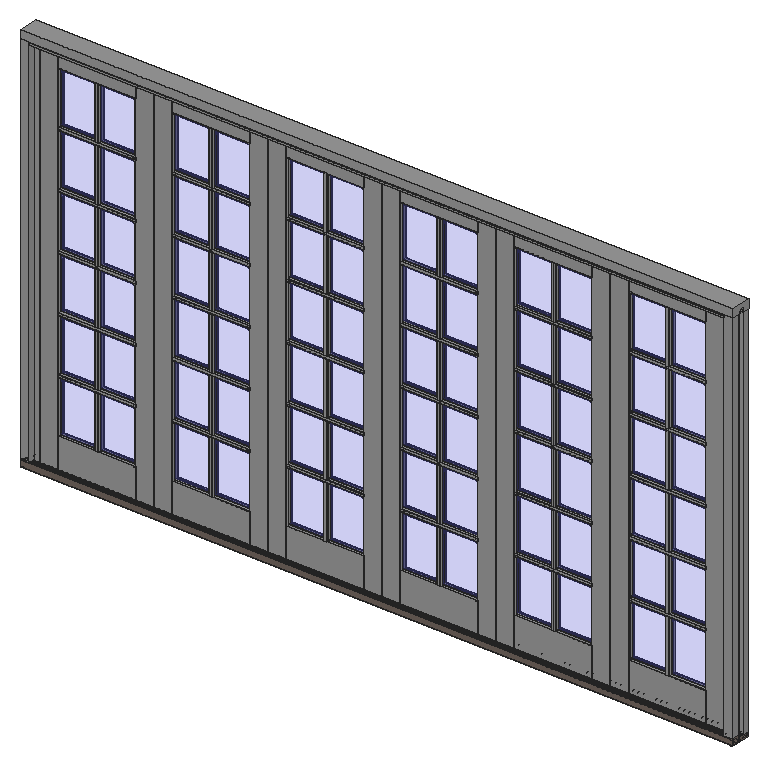
Revit family "VSFA 3820 SP", category Doors, host Wall, Revit 2015 (continued)
Automatic sketch dimensions
  Extrusion 6 sketch curve to plane 3 "Left" = 0 mm
  Extrusion 6 sketch curve to plane 13 = 0 mm
  Extrusion 6 sketch curve to plane 8 = 0 mm
  Extrusion 6 sketch curve to plane 4 "Right" = 0 mm
  Extrusion 6 sketch curve to host wall = 14.5 mm  (x2)
  Extrusion 6 sketch curve to plane 3 "Left" = 30 mm
  Extrusion 6 sketch curve to Extrusion 6 sketch curve = 0 mm  (x2)
  Extrusion 6 sketch curve to plane 13 = 30 mm
  host wall to Extrusion 6 sketch curve = 5.5 mm  (x2)
  Extrusion 6 sketch curve to plane 13 = 20 mm
  Extrusion 6 sketch curve to plane 8 = 20 mm
  Extrusion 6 sketch curve to Extrusion 6 sketch curve = 10 mm  (x5)
  Extrusion 6 sketch curve to Extrusion 6 sketch curve = 15 mm
  Extrusion 6 sketch curve to host wall = 25.5 mm
  Extrusion 6 sketch curve to Extrusion 6 sketch curve = 11 mm
  Extrusion 6 sketch curve to host wall = 22.5 mm  (x2)
  Extrusion 7 sketch curve to plane 9 = 0 mm
  Extrusion 7 sketch curve to plane 8 = 0 mm
  host wall to Extrusion 7 sketch curve = 13.5 mm
  Extrusion 7 sketch curve to plane 9 = 96 mm
  Extrusion 7 sketch curve to Extrusion 7 sketch curve = 0 mm
  Extrusion 7 sketch curve to Extrusion 7 sketch curve = 0.473 mm  (x3)
  Extrusion 7 sketch curve to Extrusion 7 sketch curve = 6.527 mm  (x2)
  Extrusion 7 sketch curve to Extrusion 7 sketch curve = 2 mm  (x4)
  host wall to Extrusion 7 sketch curve = 5.5 mm
  plane 8 to Extrusion 7 sketch curve = 105 mm
  host wall to Extrusion 7 sketch curve = 15.5 mm  (x2)
  host wall to Extrusion 7 sketch curve = 7.5 mm
  Extrusion 7 sketch curve to Extrusion 7 sketch curve = 1.468 mm
  Extrusion 7 sketch curve to host wall = 24.5 mm  (x2)
  Extrusion 8 sketch curve to plane 11 = 0 mm
  Extrusion 8 sketch curve to plane 10 = 0 mm
  host wall to Extrusion 8 sketch curve = 13.5 mm
  Extrusion 8 sketch curve to plane 11 = 96 mm
  Extrusion 8 sketch curve to Extrusion 8 sketch curve = 0 mm
  Extrusion 8 sketch curve to Extrusion 8 sketch curve = 0.473 mm  (x3)
  Extrusion 8 sketch curve to Extrusion 8 sketch curve = 6.527 mm  (x2)
  Extrusion 8 sketch curve to Extrusion 8 sketch curve = 2 mm  (x4)
  host wall to Extrusion 8 sketch curve = 5.5 mm
  plane 10 to Extrusion 8 sketch curve = 105 mm
  host wall to Extrusion 8 sketch curve = 15.5 mm  (x2)
  host wall to Extrusion 8 sketch curve = 7.5 mm
  Extrusion 8 sketch curve to Extrusion 8 sketch curve = 1.468 mm
  Extrusion 8 sketch curve to host wall = 24.5 mm  (x2)
  Extrusion 9 sketch curve to plane 2 "Center (Left/Right)" = 0 mm
  Extrusion 9 sketch curve to plane 12 = 0 mm
  host wall to Extrusion 9 sketch curve = 13.5 mm
  plane 2 "Center (Left/Right)" to Extrusion 9 sketch curve = 96 mm
  Extrusion 9 sketch curve to Extrusion 9 sketch curve = 0 mm
  Extrusion 9 sketch curve to Extrusion 9 sketch curve = 0.473 mm  (x3)
  Extrusion 9 sketch curve to Extrusion 9 sketch curve = 6.527 mm  (x2)
  Extrusion 9 sketch curve to Extrusion 9 sketch curve = 2 mm  (x4)
  host wall to Extrusion 9 sketch curve = 5.5 mm
  plane 12 to Extrusion 9 sketch curve = 105 mm
  host wall to Extrusion 9 sketch curve = 15.5 mm  (x2)
  host wall to Extrusion 9 sketch curve = 7.5 mm
  Extrusion 9 sketch curve to Extrusion 9 sketch curve = 1.468 mm
  Extrusion 9 sketch curve to host wall = 24.5 mm  (x2)
  Extrusion 10 sketch curve to plane 17 = 0 mm
  Extrusion 10 sketch curve to plane 2 "Center (Left/Right)" = 0 mm
  host wall to Extrusion 10 sketch curve = 13.5 mm
  plane 17 to Extrusion 10 sketch curve = 96 mm
  Extrusion 10 sketch curve to Extrusion 10 sketch curve = 0 mm
  Extrusion 10 sketch curve to Extrusion 10 sketch curve = 0.473 mm  (x3)
  Extrusion 10 sketch curve to Extrusion 10 sketch curve = 6.527 mm  (x2)
  Extrusion 10 sketch curve to Extrusion 10 sketch curve = 2 mm  (x4)
  host wall to Extrusion 10 sketch curve = 5.5 mm
  Extrusion 10 sketch curve to plane 2 "Center (Left/Right)" = 105 mm
  host wall to Extrusion 10 sketch curve = 15.5 mm  (x2)
  host wall to Extrusion 10 sketch curve = 7.5 mm
  Extrusion 10 sketch curve to Extrusion 10 sketch curve = 1.468 mm
  Extrusion 10 sketch curve to host wall = 24.5 mm  (x2)
  Extrusion 11 sketch curve to plane 15 = 0 mm
  Extrusion 11 sketch curve to plane 16 = 0 mm
  host wall to Extrusion 11 sketch curve = 13.5 mm
  plane 15 to Extrusion 11 sketch curve = 96 mm
  Extrusion 11 sketch curve to Extrusion 11 sketch curve = 0 mm
  Extrusion 11 sketch curve to Extrusion 11 sketch curve = 0.473 mm  (x3)
  Extrusion 11 sketch curve to Extrusion 11 sketch curve = 6.527 mm  (x2)
  Extrusion 11 sketch curve to Extrusion 11 sketch curve = 2 mm  (x4)
  host wall to Extrusion 11 sketch curve = 5.5 mm
  Extrusion 11 sketch curve to plane 16 = 105 mm
  host wall to Extrusion 11 sketch curve = 15.5 mm  (x2)
  host wall to Extrusion 11 sketch curve = 7.5 mm
  Extrusion 11 sketch curve to Extrusion 11 sketch curve = 1.468 mm
  Extrusion 11 sketch curve to host wall = 24.5 mm  (x2)
  Extrusion 12 sketch curve to plane 13 = 0 mm
  Extrusion 12 sketch curve to plane 14 = 0 mm
  host wall to Extrusion 12 sketch curve = 13.5 mm
  plane 13 to Extrusion 12 sketch curve = 96 mm
  Extrusion 12 sketch curve to Extrusion 12 sketch curve = 0 mm
  Extrusion 12 sketch curve to Extrusion 12 sketch curve = 0.473 mm  (x3)
  Extrusion 12 sketch curve to Extrusion 12 sketch curve = 6.527 mm  (x2)
  Extrusion 12 sketch curve to Extrusion 12 sketch curve = 2 mm  (x4)
  host wall to Extrusion 12 sketch curve = 5.5 mm
  Extrusion 12 sketch curve to plane 14 = 105 mm
  host wall to Extrusion 12 sketch curve = 15.5 mm  (x2)
  host wall to Extrusion 12 sketch curve = 7.5 mm
  Extrusion 12 sketch curve to Extrusion 12 sketch curve = 1.468 mm
  Extrusion 12 sketch curve to host wall = 24.5 mm  (x2)
  Extrusion 13 sketch curve to plane 2 "Center (Left/Right)" = 20 mm
  Extrusion 13 sketch curve to Extrusion 13 sketch curve = 8 mm  (x2)
  plane 2 "Center (Left/Right)" to Extrusion 13 sketch curve = 12 mm
  Extrusion 13 sketch curve to host wall = 24.5 mm
  Extrusion 13 sketch curve to Extrusion 13 sketch curve = 2 mm
  host wall to Extrusion 14 sketch curve = 15.5 mm  (x7)
  Extrusion 14 sketch curve to Extrusion 14 sketch curve = 2 mm  (x28)
  host wall to Extrusion 14 sketch curve = 7.5 mm  (x12)
  host wall to Extrusion 14 sketch curve = 6.697 mm  (x12)
  Extrusion 14 sketch curve to Extrusion 14 sketch curve = 1.197 mm  (x8)
  Extrusion 14 sketch curve to host wall = 24.5 mm  (x7)
  plane 5 to Extrusion 14 sketch curve = 45 mm
  Extrusion 14 sketch curve to Extrusion 14 sketch curve = 96 mm
  Extrusion 14 sketch curve to Extrusion 14 sketch curve = 0 mm  (x6)
  Extrusion 14 sketch curve to Extrusion 14 sketch curve = 0.241 mm  (x12)
  Extrusion 14 sketch curve to Extrusion 14 sketch curve = 266 mm  (x5)
  Extrusion 14 sketch curve to Extrusion 14 sketch curve = 6.759 mm  (x6)
  Extrusion 14 sketch curve to Extrusion 14 sketch curve = 13 mm  (x5)
  level to Extrusion 14 sketch curve = 199 mm
  level to Extrusion 14 sketch curve = 19 mm
  Sweep 15 sketch curve to plane 9 = 298.5 mm
  Sweep 15 sketch curve to plane 9 = 96 mm
  Sweep 15 sketch curve to Sweep 15 sketch curve = 284 mm
  Sweep 15 sketch curve to profile plane = 0 mm
  Sweep 15 sketch curve to profile plane = 0.241 mm
  Sweep 15 sketch curve to Sweep 15 sketch curve = 6.759 mm
  Sweep 15 sketch curve to Sweep 15 sketch curve = 2 mm  (x2)
  Sweep 15 sketch curve to profile plane = 86 mm
  Sweep 15 sketch curve to Sweep 15 sketch curve = 6 mm
  plane 8 to Extrusion 16 sketch curve = 96 mm  (x5)
  Extrusion 16 sketch curve to Extrusion 16 sketch curve = 0 mm  (x8)
  Extrusion 16 sketch curve to Extrusion 16 sketch curve = 202.5 mm  (x4)
  Extrusion 16 sketch curve to Extrusion 16 sketch curve = 13 mm  (x11)
  Extrusion 16 sketch curve to plane 9 = 96.012 mm  (x3)
  plane 5 to Extrusion 16 sketch curve = 141 mm  (x2)
  Extrusion 16 sketch curve to Extrusion 16 sketch curve = 283.99 mm  (x5)
  Extrusion 16 sketch curve to Extrusion 16 sketch curve = 0.01 mm  (x5)
  Extrusion 16 sketch curve to Extrusion 16 sketch curve = 13.01 mm  (x3)
  level to Extrusion 16 sketch curve = 190.01 mm
  level to Extrusion 16 sketch curve = 190 mm
  Extrusion 17 sketch curve to host wall = 5.5 mm  (x2)
  Extrusion 17 sketch curve to plane 8 = 289.5 mm
  Extrusion 17 sketch curve to Extrusion 17 sketch curve = 2 mm  (x5)
  Extrusion 17 sketch curve to Extrusion 17 sketch curve = 6.759 mm  (x2)
  Extrusion 17 sketch curve to Extrusion 17 sketch curve = 0.241 mm  (x3)
  Extrusion 17 sketch curve to Extrusion 17 sketch curve = 13 mm  (x2)
  Extrusion 17 sketch curve to Extrusion 17 sketch curve = 1.197 mm  (x2)
  host wall to Extrusion 17 sketch curve = 24.5 mm
  plane 8 to Sweep 18 sketch curve = 96.012 mm
  Sweep 18 sketch curve to Sweep 18 sketch curve = 202.5 mm
  level to Sweep 18 sketch curve = 474 mm
  level to Sweep 18 sketch curve = 190 mm
  Sweep 18 sketch curve to profile plane = 0 mm
  Sweep 18 sketch curve to profile plane = 0.241 mm
  Sweep 18 sketch curve to Sweep 18 sketch curve = 6.759 mm
  Sweep 18 sketch curve to Sweep 18 sketch curve = 2 mm  (x2)
  Sweep 18 sketch curve to profile plane = 86 mm
  Sweep 18 sketch curve to Sweep 18 sketch curve = 6 mm
  Sweep 19 sketch curve to plane 9 = 298.5 mm
  Sweep 19 sketch curve to plane 9 = 96 mm
  level to Sweep 19 sketch curve = 770.988 mm
  Sweep 19 sketch curve to Sweep 19 sketch curve = 284 mm
  Sweep 19 sketch curve to profile plane = 0 mm
  Sweep 19 sketch curve to profile plane = 0.241 mm
  Sweep 19 sketch curve to Sweep 19 sketch curve = 6.759 mm
  Sweep 19 sketch curve to Sweep 19 sketch curve = 2 mm  (x2)
  Sweep 19 sketch curve to profile plane = 86 mm
  Sweep 19 sketch curve to Sweep 19 sketch curve = 6 mm
  host wall to Extrusion 20 sketch curve = 5.5 mm  (x2)
  plane 8 to Extrusion 20 sketch curve = 289.5 mm
  Extrusion 20 sketch curve to Extrusion 20 sketch curve = 2 mm  (x5)
  Extrusion 20 sketch curve to Extrusion 20 sketch curve = 6.759 mm  (x2)
  Extrusion 20 sketch curve to Extrusion 20 sketch curve = 0.241 mm  (x3)
  Extrusion 20 sketch curve to Extrusion 20 sketch curve = 13 mm  (x2)
  Extrusion 20 sketch curve to host wall = 24.5 mm
  Extrusion 20 sketch curve to Extrusion 20 sketch curve = 1.197 mm  (x2)
  plane 8 to Sweep 21 sketch curve = 96.012 mm
  Sweep 21 sketch curve to Sweep 21 sketch curve = 202.5 mm
  level to Sweep 21 sketch curve = 770.988 mm
  Sweep 21 sketch curve to Sweep 21 sketch curve = 284 mm
  Sweep 21 sketch curve to profile plane = 0 mm
  Sweep 21 sketch curve to profile plane = 0.241 mm
  Sweep 21 sketch curve to Sweep 21 sketch curve = 6.759 mm
  Sweep 21 sketch curve to Sweep 21 sketch curve = 2 mm  (x2)
  Sweep 21 sketch curve to profile plane = 86 mm
  Sweep 21 sketch curve to Sweep 21 sketch curve = 6 mm
  Sweep 22 sketch curve to plane 9 = 298.5 mm
  Sweep 22 sketch curve to plane 9 = 96 mm
  plane 5 to Sweep 22 sketch curve = 1032.012 mm
  Sweep 22 sketch curve to Sweep 22 sketch curve = 284 mm
  Sweep 22 sketch curve to profile plane = 0 mm
  Sweep 22 sketch curve to profile plane = 0.241 mm
  Sweep 22 sketch curve to Sweep 22 sketch curve = 6.759 mm
  Sweep 22 sketch curve to Sweep 22 sketch curve = 2 mm  (x2)
  Sweep 22 sketch curve to profile plane = 86 mm
  Sweep 22 sketch curve to Sweep 22 sketch curve = 6 mm
  host wall to Extrusion 23 sketch curve = 5.5 mm  (x2)
  plane 8 to Extrusion 23 sketch curve = 289.5 mm
  Extrusion 23 sketch curve to Extrusion 23 sketch curve = 2 mm  (x5)
  Extrusion 23 sketch curve to Extrusion 23 sketch curve = 6.759 mm  (x2)
  Extrusion 23 sketch curve to Extrusion 23 sketch curve = 0.241 mm  (x3)
  Extrusion 23 sketch curve to Extrusion 23 sketch curve = 13 mm  (x2)
  Extrusion 23 sketch curve to host wall = 24.5 mm
  Extrusion 23 sketch curve to Extrusion 23 sketch curve = 1.197 mm  (x2)
  plane 8 to Sweep 24 sketch curve = 96.012 mm
  Sweep 24 sketch curve to Sweep 24 sketch curve = 202.5 mm
  plane 5 to Sweep 24 sketch curve = 1032.012 mm
  Sweep 24 sketch curve to Sweep 24 sketch curve = 284 mm
  Sweep 24 sketch curve to profile plane = 0 mm
  Sweep 24 sketch curve to profile plane = 0.241 mm
  Sweep 24 sketch curve to Sweep 24 sketch curve = 6.759 mm
  Sweep 24 sketch curve to Sweep 24 sketch curve = 2 mm  (x2)
  Sweep 24 sketch curve to profile plane = 86 mm
  Sweep 24 sketch curve to Sweep 24 sketch curve = 6 mm
  Sweep 25 sketch curve to plane 9 = 298.5 mm
  Sweep 25 sketch curve to plane 9 = 96 mm
  plane 5 to Sweep 25 sketch curve = 735.012 mm
  Sweep 25 sketch curve to Sweep 25 sketch curve = 284 mm
  Sweep 25 sketch curve to profile plane = 0 mm
  Sweep 25 sketch curve to profile plane = 0.241 mm
  Sweep 25 sketch curve to Sweep 25 sketch curve = 6.759 mm
  Sweep 25 sketch curve to Sweep 25 sketch curve = 2 mm  (x2)
  Sweep 25 sketch curve to profile plane = 86 mm
  Sweep 25 sketch curve to Sweep 25 sketch curve = 6 mm
  host wall to Extrusion 26 sketch curve = 5.5 mm  (x2)
  plane 8 to Extrusion 26 sketch curve = 289.5 mm
  Extrusion 26 sketch curve to Extrusion 26 sketch curve = 2 mm  (x5)
  Extrusion 26 sketch curve to Extrusion 26 sketch curve = 6.759 mm  (x2)
  Extrusion 26 sketch curve to Extrusion 26 sketch curve = 0.241 mm  (x3)
  Extrusion 26 sketch curve to Extrusion 26 sketch curve = 13 mm  (x2)
  Extrusion 26 sketch curve to host wall = 24.5 mm
  Extrusion 26 sketch curve to Extrusion 26 sketch curve = 1.197 mm  (x2)
  plane 8 to Sweep 27 sketch curve = 96.012 mm
  Sweep 27 sketch curve to Sweep 27 sketch curve = 202.5 mm
  plane 5 to Sweep 27 sketch curve = 735.012 mm
  Sweep 27 sketch curve to Sweep 27 sketch curve = 284 mm
  Sweep 27 sketch curve to profile plane = 0 mm
  Sweep 27 sketch curve to profile plane = 0.241 mm
  Sweep 27 sketch curve to Sweep 27 sketch curve = 6.759 mm
  Sweep 27 sketch curve to Sweep 27 sketch curve = 2 mm  (x2)
  Sweep 27 sketch curve to profile plane = 86 mm
  Sweep 27 sketch curve to Sweep 27 sketch curve = 6 mm
  Sweep 28 sketch curve to plane 9 = 298.5 mm
  Sweep 28 sketch curve to plane 9 = 96 mm
  plane 5 to Sweep 28 sketch curve = 438.012 mm
  Sweep 28 sketch curve to Sweep 28 sketch curve = 284 mm
  Sweep 28 sketch curve to profile plane = 0 mm
  Sweep 28 sketch curve to profile plane = 0.241 mm
  Sweep 28 sketch curve to Sweep 28 sketch curve = 6.759 mm
  Sweep 28 sketch curve to Sweep 28 sketch curve = 2 mm  (x2)
  Sweep 28 sketch curve to profile plane = 86 mm
  Sweep 28 sketch curve to Sweep 28 sketch curve = 6 mm
  host wall to Extrusion 29 sketch curve = 5.5 mm  (x2)
  plane 8 to Extrusion 29 sketch curve = 289.5 mm
  Extrusion 29 sketch curve to Extrusion 29 sketch curve = 2 mm  (x5)
  Extrusion 29 sketch curve to Extrusion 29 sketch curve = 6.759 mm  (x2)
  Extrusion 29 sketch curve to Extrusion 29 sketch curve = 0.241 mm  (x3)
  Extrusion 29 sketch curve to Extrusion 29 sketch curve = 13 mm  (x2)
  Extrusion 29 sketch curve to host wall = 24.5 mm
  Extrusion 29 sketch curve to Extrusion 29 sketch curve = 1.197 mm  (x2)
  plane 8 to Sweep 30 sketch curve = 96.012 mm
  Sweep 30 sketch curve to Sweep 30 sketch curve = 202.5 mm
  plane 5 to Sweep 30 sketch curve = 438.012 mm
  Sweep 30 sketch curve to Sweep 30 sketch curve = 284 mm
  Sweep 30 sketch curve to profile plane = 0 mm
  Sweep 30 sketch curve to profile plane = 0.241 mm
  Sweep 30 sketch curve to Sweep 30 sketch curve = 6.759 mm
  Sweep 30 sketch curve to Sweep 30 sketch curve = 2 mm  (x2)
  Sweep 30 sketch curve to profile plane = 86 mm
  Sweep 30 sketch curve to Sweep 30 sketch curve = 6 mm
  Sweep 31 sketch curve to plane 9 = 298.5 mm
  Sweep 31 sketch curve to plane 9 = 96 mm
  plane 5 to Sweep 31 sketch curve = 141.012 mm
  Sweep 31 sketch curve to Sweep 31 sketch curve = 284 mm
  Sweep 31 sketch curve to profile plane = 0 mm
  Sweep 31 sketch curve to profile plane = 0.241 mm
  Sweep 31 sketch curve to Sweep 31 sketch curve = 6.759 mm
  Sweep 31 sketch curve to Sweep 31 sketch curve = 2 mm  (x2)
  Sweep 31 sketch curve to profile plane = 86 mm
  Sweep 31 sketch curve to Sweep 31 sketch curve = 6 mm
  host wall to Extrusion 32 sketch curve = 5.5 mm  (x2)
  plane 8 to Extrusion 32 sketch curve = 289.5 mm
  Extrusion 32 sketch curve to Extrusion 32 sketch curve = 2 mm  (x5)
  Extrusion 32 sketch curve to Extrusion 32 sketch curve = 6.759 mm  (x2)
  Extrusion 32 sketch curve to Extrusion 32 sketch curve = 0.241 mm  (x3)
  Extrusion 32 sketch curve to Extrusion 32 sketch curve = 13 mm  (x2)
  Extrusion 32 sketch curve to host wall = 24.5 mm
  Extrusion 32 sketch curve to Extrusion 32 sketch curve = 1.197 mm  (x2)
  plane 8 to Sweep 33 sketch curve = 96.012 mm
  Sweep 33 sketch curve to Sweep 33 sketch curve = 202.5 mm
  plane 5 to Sweep 33 sketch curve = 141.012 mm
  Sweep 33 sketch curve to Sweep 33 sketch curve = 284 mm
  Sweep 33 sketch curve to profile plane = 0 mm
  Sweep 33 sketch curve to profile plane = 0.241 mm
  Sweep 33 sketch curve to Sweep 33 sketch curve = 6.759 mm
  Sweep 33 sketch curve to Sweep 33 sketch curve = 2 mm  (x2)
  Sweep 33 sketch curve to profile plane = 86 mm
  Sweep 33 sketch curve to Sweep 33 sketch curve = 6 mm
  host wall to Extrusion 34 sketch curve = 15.5 mm  (x7)
  Extrusion 34 sketch curve to Extrusion 34 sketch curve = 2 mm  (x28)
  host wall to Extrusion 34 sketch curve = 7.5 mm  (x12)
  host wall to Extrusion 34 sketch curve = 6.697 mm  (x12)
  Extrusion 34 sketch curve to Extrusion 34 sketch curve = 1.197 mm  (x8)
  Extrusion 34 sketch curve to host wall = 24.5 mm  (x7)
  plane 5 to Extrusion 34 sketch curve = 45 mm
  Extrusion 34 sketch curve to Extrusion 34 sketch curve = 96 mm
  Extrusion 34 sketch curve to Extrusion 34 sketch curve = 0 mm  (x6)
  Extrusion 34 sketch curve to Extrusion 34 sketch curve = 0.241 mm  (x12)
  Extrusion 34 sketch curve to Extrusion 34 sketch curve = 266 mm  (x5)
  Extrusion 34 sketch curve to Extrusion 34 sketch curve = 6.759 mm  (x6)
  Extrusion 34 sketch curve to Extrusion 34 sketch curve = 13 mm  (x5)
  level to Extrusion 34 sketch curve = 199 mm
  level to Extrusion 34 sketch curve = 19 mm
  Sweep 35 sketch curve to plane 11 = 298.5 mm
  Sweep 35 sketch curve to plane 11 = 96 mm
  Sweep 35 sketch curve to Sweep 35 sketch curve = 284 mm
  Sweep 35 sketch curve to profile plane = 0 mm
  Sweep 35 sketch curve to profile plane = 0.241 mm
  Sweep 35 sketch curve to Sweep 35 sketch curve = 6.759 mm
  Sweep 35 sketch curve to Sweep 35 sketch curve = 2 mm  (x2)
  Sweep 35 sketch curve to profile plane = 86 mm
  Sweep 35 sketch curve to Sweep 35 sketch curve = 6 mm
  plane 10 to Extrusion 36 sketch curve = 96 mm  (x5)
  Extrusion 36 sketch curve to Extrusion 36 sketch curve = 0 mm  (x8)
  Extrusion 36 sketch curve to Extrusion 36 sketch curve = 202.5 mm  (x4)
  Extrusion 36 sketch curve to Extrusion 36 sketch curve = 13 mm  (x11)
  Extrusion 36 sketch curve to plane 11 = 96.012 mm  (x3)
  plane 5 to Extrusion 36 sketch curve = 141 mm  (x2)
  Extrusion 36 sketch curve to Extrusion 36 sketch curve = 283.99 mm  (x5)
  Extrusion 36 sketch curve to Extrusion 36 sketch curve = 0.01 mm  (x5)
  Extrusion 36 sketch curve to Extrusion 36 sketch curve = 13.01 mm  (x3)
  level to Extrusion 36 sketch curve = 190.01 mm
  level to Extrusion 36 sketch curve = 190 mm
  Extrusion 37 sketch curve to host wall = 5.5 mm  (x2)
  Extrusion 37 sketch curve to plane 10 = 289.5 mm
  Extrusion 37 sketch curve to Extrusion 37 sketch curve = 2 mm  (x5)
  Extrusion 37 sketch curve to Extrusion 37 sketch curve = 6.759 mm  (x2)
  Extrusion 37 sketch curve to Extrusion 37 sketch curve = 0.241 mm  (x3)
  Extrusion 37 sketch curve to Extrusion 37 sketch curve = 13 mm  (x2)
  Extrusion 37 sketch curve to Extrusion 37 sketch curve = 1.197 mm  (x2)
  host wall to Extrusion 37 sketch curve = 24.5 mm
  plane 10 to Sweep 38 sketch curve = 96.012 mm
  Sweep 38 sketch curve to Sweep 38 sketch curve = 202.5 mm
  level to Sweep 38 sketch curve = 474 mm
  level to Sweep 38 sketch curve = 190 mm
  Sweep 38 sketch curve to profile plane = 0 mm
  Sweep 38 sketch curve to profile plane = 0.241 mm
  Sweep 38 sketch curve to Sweep 38 sketch curve = 6.759 mm
  Sweep 38 sketch curve to Sweep 38 sketch curve = 2 mm  (x2)
  Sweep 38 sketch curve to profile plane = 86 mm
  Sweep 38 sketch curve to Sweep 38 sketch curve = 6 mm
  Sweep 39 sketch curve to plane 11 = 298.5 mm
  Sweep 39 sketch curve to plane 11 = 96 mm
  level to Sweep 39 sketch curve = 770.988 mm
  Sweep 39 sketch curve to Sweep 39 sketch curve = 284 mm
  Sweep 39 sketch curve to profile plane = 0 mm
  Sweep 39 sketch curve to profile plane = 0.241 mm
  Sweep 39 sketch curve to Sweep 39 sketch curve = 6.759 mm
  Sweep 39 sketch curve to Sweep 39 sketch curve = 2 mm  (x2)
  Sweep 39 sketch curve to profile plane = 86 mm
  Sweep 39 sketch curve to Sweep 39 sketch curve = 6 mm
  host wall to Extrusion 40 sketch curve = 5.5 mm  (x2)
  plane 10 to Extrusion 40 sketch curve = 289.5 mm
  Extrusion 40 sketch curve to Extrusion 40 sketch curve = 2 mm  (x5)
  Extrusion 40 sketch curve to Extrusion 40 sketch curve = 6.759 mm  (x2)
  Extrusion 40 sketch curve to Extrusion 40 sketch curve = 0.241 mm  (x3)
  Extrusion 40 sketch curve to Extrusion 40 sketch curve = 13 mm  (x2)
  Extrusion 40 sketch curve to host wall = 24.5 mm
  Extrusion 40 sketch curve to Extrusion 40 sketch curve = 1.197 mm  (x2)
  plane 10 to Sweep 41 sketch curve = 96.012 mm
  Sweep 41 sketch curve to Sweep 41 sketch curve = 202.5 mm
  level to Sweep 41 sketch curve = 770.988 mm
  Sweep 41 sketch curve to Sweep 41 sketch curve = 284 mm
  Sweep 41 sketch curve to profile plane = 0 mm
  Sweep 41 sketch curve to profile plane = 0.241 mm
  Sweep 41 sketch curve to Sweep 41 sketch curve = 6.759 mm
  Sweep 41 sketch curve to Sweep 41 sketch curve = 2 mm  (x2)
  Sweep 41 sketch curve to profile plane = 86 mm
  Sweep 41 sketch curve to Sweep 41 sketch curve = 6 mm
  Sweep 42 sketch curve to plane 11 = 298.5 mm
  Sweep 42 sketch curve to plane 11 = 96 mm
  plane 5 to Sweep 42 sketch curve = 1032.012 mm
  Sweep 42 sketch curve to Sweep 42 sketch curve = 284 mm
  Sweep 42 sketch curve to profile plane = 0 mm
  Sweep 42 sketch curve to profile plane = 0.241 mm
  Sweep 42 sketch curve to Sweep 42 sketch curve = 6.759 mm
  Sweep 42 sketch curve to Sweep 42 sketch curve = 2 mm  (x2)
  Sweep 42 sketch curve to profile plane = 86 mm
  Sweep 42 sketch curve to Sweep 42 sketch curve = 6 mm
  host wall to Extrusion 43 sketch curve = 5.5 mm  (x2)
  plane 10 to Extrusion 43 sketch curve = 289.5 mm
  Extrusion 43 sketch curve to Extrusion 43 sketch curve = 2 mm  (x5)
  Extrusion 43 sketch curve to Extrusion 43 sketch curve = 6.759 mm  (x2)
  Extrusion 43 sketch curve to Extrusion 43 sketch curve = 0.241 mm  (x3)
  Extrusion 43 sketch curve to Extrusion 43 sketch curve = 13 mm  (x2)
  Extrusion 43 sketch curve to host wall = 24.5 mm
  Extrusion 43 sketch curve to Extrusion 43 sketch curve = 1.197 mm  (x2)
  plane 10 to Sweep 44 sketch curve = 96.012 mm
  Sweep 44 sketch curve to Sweep 44 sketch curve = 202.5 mm
  plane 5 to Sweep 44 sketch curve = 1032.012 mm
  Sweep 44 sketch curve to Sweep 44 sketch curve = 284 mm
  Sweep 44 sketch curve to profile plane = 0 mm
  Sweep 44 sketch curve to profile plane = 0.241 mm
  Sweep 44 sketch curve to Sweep 44 sketch curve = 6.759 mm
  Sweep 44 sketch curve to Sweep 44 sketch curve = 2 mm  (x2)
  Sweep 44 sketch curve to profile plane = 86 mm
  Sweep 44 sketch curve to Sweep 44 sketch curve = 6 mm
  Sweep 45 sketch curve to plane 11 = 298.5 mm
  Sweep 45 sketch curve to plane 11 = 96 mm
  plane 5 to Sweep 45 sketch curve = 735.012 mm
  Sweep 45 sketch curve to Sweep 45 sketch curve = 284 mm
  Sweep 45 sketch curve to profile plane = 0 mm
  Sweep 45 sketch curve to profile plane = 0.241 mm
  Sweep 45 sketch curve to Sweep 45 sketch curve = 6.759 mm
  Sweep 45 sketch curve to Sweep 45 sketch curve = 2 mm  (x2)
  Sweep 45 sketch curve to profile plane = 86 mm
  Sweep 45 sketch curve to Sweep 45 sketch curve = 6 mm
  host wall to Extrusion 46 sketch curve = 5.5 mm  (x2)
  plane 10 to Extrusion 46 sketch curve = 289.5 mm
  Extrusion 46 sketch curve to Extrusion 46 sketch curve = 2 mm  (x5)
  Extrusion 46 sketch curve to Extrusion 46 sketch curve = 6.759 mm  (x2)
  Extrusion 46 sketch curve to Extrusion 46 sketch curve = 0.241 mm  (x3)
  Extrusion 46 sketch curve to Extrusion 46 sketch curve = 13 mm  (x2)
  Extrusion 46 sketch curve to host wall = 24.5 mm
  Extrusion 46 sketch curve to Extrusion 46 sketch curve = 1.197 mm  (x2)
  plane 10 to Sweep 47 sketch curve = 96.012 mm
  Sweep 47 sketch curve to Sweep 47 sketch curve = 202.5 mm
  plane 5 to Sweep 47 sketch curve = 735.012 mm
  Sweep 47 sketch curve to Sweep 47 sketch curve = 284 mm
  Sweep 47 sketch curve to profile plane = 0 mm
  Sweep 47 sketch curve to profile plane = 0.241 mm
  Sweep 47 sketch curve to Sweep 47 sketch curve = 6.759 mm
  Sweep 47 sketch curve to Sweep 47 sketch curve = 2 mm  (x2)
  Sweep 47 sketch curve to profile plane = 86 mm
  Sweep 47 sketch curve to Sweep 47 sketch curve = 6 mm
  Sweep 48 sketch curve to plane 11 = 298.5 mm
  Sweep 48 sketch curve to plane 11 = 96 mm
  plane 5 to Sweep 48 sketch curve = 438.012 mm
  Sweep 48 sketch curve to Sweep 48 sketch curve = 284 mm
  Sweep 48 sketch curve to profile plane = 0 mm
  Sweep 48 sketch curve to profile plane = 0.241 mm
  Sweep 48 sketch curve to Sweep 48 sketch curve = 6.759 mm
  Sweep 48 sketch curve to Sweep 48 sketch curve = 2 mm  (x2)
  Sweep 48 sketch curve to profile plane = 86 mm
  Sweep 48 sketch curve to Sweep 48 sketch curve = 6 mm
  host wall to Extrusion 49 sketch curve = 5.5 mm  (x2)
  plane 10 to Extrusion 49 sketch curve = 289.5 mm
  Extrusion 49 sketch curve to Extrusion 49 sketch curve = 2 mm  (x5)
  Extrusion 49 sketch curve to Extrusion 49 sketch curve = 6.759 mm  (x2)
  Extrusion 49 sketch curve to Extrusion 49 sketch curve = 0.241 mm  (x3)
  Extrusion 49 sketch curve to Extrusion 49 sketch curve = 13 mm  (x2)
  Extrusion 49 sketch curve to host wall = 24.5 mm
  Extrusion 49 sketch curve to Extrusion 49 sketch curve = 1.197 mm  (x2)
  plane 10 to Sweep 50 sketch curve = 96.012 mm
  Sweep 50 sketch curve to Sweep 50 sketch curve = 202.5 mm
  plane 5 to Sweep 50 sketch curve = 438.012 mm
  Sweep 50 sketch curve to Sweep 50 sketch curve = 284 mm
  Sweep 50 sketch curve to profile plane = 0 mm
  Sweep 50 sketch curve to profile plane = 0.241 mm
  Sweep 50 sketch curve to Sweep 50 sketch curve = 6.759 mm
  Sweep 50 sketch curve to Sweep 50 sketch curve = 2 mm  (x2)
  Sweep 50 sketch curve to profile plane = 86 mm
  Sweep 50 sketch curve to Sweep 50 sketch curve = 6 mm
  Sweep 51 sketch curve to plane 11 = 298.5 mm
  Sweep 51 sketch curve to plane 11 = 96 mm
  plane 5 to Sweep 51 sketch curve = 141.012 mm
  Sweep 51 sketch curve to Sweep 51 sketch curve = 284 mm
  Sweep 51 sketch curve to profile plane = 0 mm
  Sweep 51 sketch curve to profile plane = 0.241 mm
  Sweep 51 sketch curve to Sweep 51 sketch curve = 6.759 mm
  Sweep 51 sketch curve to Sweep 51 sketch curve = 2 mm  (x2)
  Sweep 51 sketch curve to profile plane = 86 mm
  Sweep 51 sketch curve to Sweep 51 sketch curve = 6 mm
  host wall to Extrusion 52 sketch curve = 5.5 mm  (x2)
  plane 10 to Extrusion 52 sketch curve = 289.5 mm
  Extrusion 52 sketch curve to Extrusion 52 sketch curve = 2 mm  (x5)
  Extrusion 52 sketch curve to Extrusion 52 sketch curve = 6.759 mm  (x2)
  Extrusion 52 sketch curve to Extrusion 52 sketch curve = 0.241 mm  (x3)
  Extrusion 52 sketch curve to Extrusion 52 sketch curve = 13 mm  (x2)
  Extrusion 52 sketch curve to host wall = 24.5 mm
  Extrusion 52 sketch curve to Extrusion 52 sketch curve = 1.197 mm  (x2)
  plane 10 to Sweep 53 sketch curve = 96.012 mm
  Sweep 53 sketch curve to Sweep 53 sketch curve = 202.5 mm
  plane 5 to Sweep 53 sketch curve = 141.012 mm
  Sweep 53 sketch curve to Sweep 53 sketch curve = 284 mm
  Sweep 53 sketch curve to profile plane = 0 mm
  Sweep 53 sketch curve to profile plane = 0.241 mm
  Sweep 53 sketch curve to Sweep 53 sketch curve = 6.759 mm
  Sweep 53 sketch curve to Sweep 53 sketch curve = 2 mm  (x2)
  Sweep 53 sketch curve to profile plane = 86 mm
  Sweep 53 sketch curve to Sweep 53 sketch curve = 6 mm
  host wall to Extrusion 54 sketch curve = 15.5 mm  (x7)
  Extrusion 54 sketch curve to Extrusion 54 sketch curve = 2 mm  (x28)
  host wall to Extrusion 54 sketch curve = 7.5 mm  (x12)
  host wall to Extrusion 54 sketch curve = 6.697 mm  (x12)
  Extrusion 54 sketch curve to Extrusion 54 sketch curve = 1.197 mm  (x8)
  Extrusion 54 sketch curve to host wall = 24.5 mm  (x7)
  plane 5 to Extrusion 54 sketch curve = 45 mm
  Extrusion 54 sketch curve to Extrusion 54 sketch curve = 96 mm
  Extrusion 54 sketch curve to Extrusion 54 sketch curve = 0 mm  (x6)
  Extrusion 54 sketch curve to Extrusion 54 sketch curve = 0.241 mm  (x12)
  Extrusion 54 sketch curve to Extrusion 54 sketch curve = 266 mm  (x5)
  Extrusion 54 sketch curve to Extrusion 54 sketch curve = 6.759 mm  (x6)
  Extrusion 54 sketch curve to Extrusion 54 sketch curve = 13 mm  (x5)
  level to Extrusion 54 sketch curve = 199 mm
  level to Extrusion 54 sketch curve = 19 mm
  plane 2 "Center (Left/Right)" to Sweep 55 sketch curve = 298.5 mm
  plane 2 "Center (Left/Right)" to Sweep 55 sketch curve = 96 mm
  Sweep 55 sketch curve to Sweep 55 sketch curve = 284 mm
  Sweep 55 sketch curve to profile plane = 0 mm
  Sweep 55 sketch curve to profile plane = 0.241 mm
  Sweep 55 sketch curve to Sweep 55 sketch curve = 6.759 mm
  Sweep 55 sketch curve to Sweep 55 sketch curve = 2 mm  (x2)
  Sweep 55 sketch curve to profile plane = 86 mm
  Sweep 55 sketch curve to Sweep 55 sketch curve = 6 mm
  plane 12 to Extrusion 56 sketch curve = 96 mm  (x5)
  Extrusion 56 sketch curve to Extrusion 56 sketch curve = 0 mm  (x8)
  Extrusion 56 sketch curve to Extrusion 56 sketch curve = 202.5 mm  (x4)
  Extrusion 56 sketch curve to Extrusion 56 sketch curve = 13 mm  (x11)
  plane 2 "Center (Left/Right)" to Extrusion 56 sketch curve = 96.012 mm  (x3)
  plane 5 to Extrusion 56 sketch curve = 141 mm  (x2)
  Extrusion 56 sketch curve to Extrusion 56 sketch curve = 283.99 mm  (x5)
  Extrusion 56 sketch curve to Extrusion 56 sketch curve = 0.01 mm  (x5)
  Extrusion 56 sketch curve to Extrusion 56 sketch curve = 13.01 mm  (x3)
  level to Extrusion 56 sketch curve = 190.01 mm
  level to Extrusion 56 sketch curve = 190 mm
  Extrusion 57 sketch curve to host wall = 5.5 mm  (x2)
  Extrusion 57 sketch curve to plane 12 = 289.5 mm
  Extrusion 57 sketch curve to Extrusion 57 sketch curve = 2 mm  (x5)
  Extrusion 57 sketch curve to Extrusion 57 sketch curve = 6.759 mm  (x2)
  Extrusion 57 sketch curve to Extrusion 57 sketch curve = 0.241 mm  (x3)
  Extrusion 57 sketch curve to Extrusion 57 sketch curve = 13 mm  (x2)
  Extrusion 57 sketch curve to Extrusion 57 sketch curve = 1.197 mm  (x2)
  host wall to Extrusion 57 sketch curve = 24.5 mm
  plane 12 to Sweep 58 sketch curve = 96.012 mm
  Sweep 58 sketch curve to Sweep 58 sketch curve = 202.5 mm
  level to Sweep 58 sketch curve = 474 mm
  level to Sweep 58 sketch curve = 190 mm
  Sweep 58 sketch curve to profile plane = 0 mm
  Sweep 58 sketch curve to profile plane = 0.241 mm
  Sweep 58 sketch curve to Sweep 58 sketch curve = 6.759 mm
  Sweep 58 sketch curve to Sweep 58 sketch curve = 2 mm  (x2)
  Sweep 58 sketch curve to profile plane = 86 mm
  Sweep 58 sketch curve to Sweep 58 sketch curve = 6 mm
  plane 2 "Center (Left/Right)" to Sweep 59 sketch curve = 298.5 mm
  plane 2 "Center (Left/Right)" to Sweep 59 sketch curve = 96 mm
  level to Sweep 59 sketch curve = 770.988 mm
  Sweep 59 sketch curve to Sweep 59 sketch curve = 284 mm
  Sweep 59 sketch curve to profile plane = 0 mm
  Sweep 59 sketch curve to profile plane = 0.241 mm
  Sweep 59 sketch curve to Sweep 59 sketch curve = 6.759 mm
  Sweep 59 sketch curve to Sweep 59 sketch curve = 2 mm  (x2)
  Sweep 59 sketch curve to profile plane = 86 mm
  Sweep 59 sketch curve to Sweep 59 sketch curve = 6 mm
  host wall to Extrusion 60 sketch curve = 5.5 mm  (x2)
  plane 12 to Extrusion 60 sketch curve = 289.5 mm
  Extrusion 60 sketch curve to Extrusion 60 sketch curve = 2 mm  (x5)
  Extrusion 60 sketch curve to Extrusion 60 sketch curve = 6.759 mm  (x2)
  Extrusion 60 sketch curve to Extrusion 60 sketch curve = 0.241 mm  (x3)
  Extrusion 60 sketch curve to Extrusion 60 sketch curve = 13 mm  (x2)
  Extrusion 60 sketch curve to host wall = 24.5 mm
  Extrusion 60 sketch curve to Extrusion 60 sketch curve = 1.197 mm  (x2)
  plane 12 to Sweep 61 sketch curve = 96.012 mm
  Sweep 61 sketch curve to Sweep 61 sketch curve = 202.5 mm
  level to Sweep 61 sketch curve = 770.988 mm
  Sweep 61 sketch curve to Sweep 61 sketch curve = 284 mm
  Sweep 61 sketch curve to profile plane = 0 mm
  Sweep 61 sketch curve to profile plane = 0.241 mm
  Sweep 61 sketch curve to Sweep 61 sketch curve = 6.759 mm
  Sweep 61 sketch curve to Sweep 61 sketch curve = 2 mm  (x2)
  Sweep 61 sketch curve to profile plane = 86 mm
  Sweep 61 sketch curve to Sweep 61 sketch curve = 6 mm
  plane 2 "Center (Left/Right)" to Sweep 62 sketch curve = 298.5 mm
  plane 2 "Center (Left/Right)" to Sweep 62 sketch curve = 96 mm
  plane 5 to Sweep 62 sketch curve = 1032.012 mm
  Sweep 62 sketch curve to Sweep 62 sketch curve = 284 mm
  Sweep 62 sketch curve to profile plane = 0 mm
  Sweep 62 sketch curve to profile plane = 0.241 mm
  Sweep 62 sketch curve to Sweep 62 sketch curve = 6.759 mm
  Sweep 62 sketch curve to Sweep 62 sketch curve = 2 mm  (x2)
  Sweep 62 sketch curve to profile plane = 86 mm
  Sweep 62 sketch curve to Sweep 62 sketch curve = 6 mm
  host wall to Extrusion 63 sketch curve = 5.5 mm  (x2)
  plane 12 to Extrusion 63 sketch curve = 289.5 mm
  Extrusion 63 sketch curve to Extrusion 63 sketch curve = 2 mm  (x5)
  Extrusion 63 sketch curve to Extrusion 63 sketch curve = 6.759 mm  (x2)
  Extrusion 63 sketch curve to Extrusion 63 sketch curve = 0.241 mm  (x3)
  Extrusion 63 sketch curve to Extrusion 63 sketch curve = 13 mm  (x2)
  Extrusion 63 sketch curve to host wall = 24.5 mm
  Extrusion 63 sketch curve to Extrusion 63 sketch curve = 1.197 mm  (x2)
  plane 12 to Sweep 64 sketch curve = 96.012 mm
  Sweep 64 sketch curve to Sweep 64 sketch curve = 202.5 mm
  plane 5 to Sweep 64 sketch curve = 1032.012 mm
  Sweep 64 sketch curve to Sweep 64 sketch curve = 284 mm
  Sweep 64 sketch curve to profile plane = 0 mm
  Sweep 64 sketch curve to profile plane = 0.241 mm
  Sweep 64 sketch curve to Sweep 64 sketch curve = 6.759 mm
  Sweep 64 sketch curve to Sweep 64 sketch curve = 2 mm  (x2)
  Sweep 64 sketch curve to profile plane = 86 mm
  Sweep 64 sketch curve to Sweep 64 sketch curve = 6 mm
  plane 2 "Center (Left/Right)" to Sweep 65 sketch curve = 298.5 mm
  plane 2 "Center (Left/Right)" to Sweep 65 sketch curve = 96 mm
  plane 5 to Sweep 65 sketch curve = 735.012 mm
  Sweep 65 sketch curve to Sweep 65 sketch curve = 284 mm
  Sweep 65 sketch curve to profile plane = 0 mm
  Sweep 65 sketch curve to profile plane = 0.241 mm
  Sweep 65 sketch curve to Sweep 65 sketch curve = 6.759 mm
  Sweep 65 sketch curve to Sweep 65 sketch curve = 2 mm  (x2)
  Sweep 65 sketch curve to profile plane = 86 mm
  Sweep 65 sketch curve to Sweep 65 sketch curve = 6 mm
  host wall to Extrusion 66 sketch curve = 5.5 mm  (x2)
  plane 12 to Extrusion 66 sketch curve = 289.5 mm
  Extrusion 66 sketch curve to Extrusion 66 sketch curve = 2 mm  (x5)
  Extrusion 66 sketch curve to Extrusion 66 sketch curve = 6.759 mm  (x2)
  Extrusion 66 sketch curve to Extrusion 66 sketch curve = 0.241 mm  (x3)
  Extrusion 66 sketch curve to Extrusion 66 sketch curve = 13 mm  (x2)
  Extrusion 66 sketch curve to host wall = 24.5 mm
  Extrusion 66 sketch curve to Extrusion 66 sketch curve = 1.197 mm  (x2)
  plane 12 to Sweep 67 sketch curve = 96.012 mm
  Sweep 67 sketch curve to Sweep 67 sketch curve = 202.5 mm
  plane 5 to Sweep 67 sketch curve = 735.012 mm
  Sweep 67 sketch curve to Sweep 67 sketch curve = 284 mm
  Sweep 67 sketch curve to profile plane = 0 mm
  Sweep 67 sketch curve to profile plane = 0.241 mm
  Sweep 67 sketch curve to Sweep 67 sketch curve = 6.759 mm
  Sweep 67 sketch curve to Sweep 67 sketch curve = 2 mm  (x2)
  Sweep 67 sketch curve to profile plane = 86 mm
  Sweep 67 sketch curve to Sweep 67 sketch curve = 6 mm
  plane 2 "Center (Left/Right)" to Sweep 68 sketch curve = 298.5 mm
  plane 2 "Center (Left/Right)" to Sweep 68 sketch curve = 96 mm
  plane 5 to Sweep 68 sketch curve = 438.012 mm
  Sweep 68 sketch curve to Sweep 68 sketch curve = 284 mm
  Sweep 68 sketch curve to profile plane = 0 mm
  Sweep 68 sketch curve to profile plane = 0.241 mm
  Sweep 68 sketch curve to Sweep 68 sketch curve = 6.759 mm
  Sweep 68 sketch curve to Sweep 68 sketch curve = 2 mm  (x2)
  Sweep 68 sketch curve to profile plane = 86 mm
  Sweep 68 sketch curve to Sweep 68 sketch curve = 6 mm
  host wall to Extrusion 69 sketch curve = 5.5 mm  (x2)
  plane 12 to Extrusion 69 sketch curve = 289.5 mm
  Extrusion 69 sketch curve to Extrusion 69 sketch curve = 2 mm  (x5)
  Extrusion 69 sketch curve to Extrusion 69 sketch curve = 6.759 mm  (x2)
  Extrusion 69 sketch curve to Extrusion 69 sketch curve = 0.241 mm  (x3)
  Extrusion 69 sketch curve to Extrusion 69 sketch curve = 13 mm  (x2)
  Extrusion 69 sketch curve to host wall = 24.5 mm
  Extrusion 69 sketch curve to Extrusion 69 sketch curve = 1.197 mm  (x2)
  plane 12 to Sweep 70 sketch curve = 96.012 mm
  Sweep 70 sketch curve to Sweep 70 sketch curve = 202.5 mm
  plane 5 to Sweep 70 sketch curve = 438.012 mm
  Sweep 70 sketch curve to Sweep 70 sketch curve = 284 mm
  Sweep 70 sketch curve to profile plane = 0 mm
  Sweep 70 sketch curve to profile plane = 0.241 mm
  Sweep 70 sketch curve to Sweep 70 sketch curve = 6.759 mm
  Sweep 70 sketch curve to Sweep 70 sketch curve = 2 mm  (x2)
  Sweep 70 sketch curve to profile plane = 86 mm
  Sweep 70 sketch curve to Sweep 70 sketch curve = 6 mm
  plane 2 "Center (Left/Right)" to Sweep 71 sketch curve = 298.5 mm
  plane 2 "Center (Left/Right)" to Sweep 71 sketch curve = 96 mm
  plane 5 to Sweep 71 sketch curve = 141.012 mm
  Sweep 71 sketch curve to Sweep 71 sketch curve = 284 mm
  Sweep 71 sketch curve to profile plane = 0 mm
  Sweep 71 sketch curve to profile plane = 0.241 mm
  Sweep 71 sketch curve to Sweep 71 sketch curve = 6.759 mm
  Sweep 71 sketch curve to Sweep 71 sketch curve = 2 mm  (x2)
  Sweep 71 sketch curve to profile plane = 86 mm
  Sweep 71 sketch curve to Sweep 71 sketch curve = 6 mm
  host wall to Extrusion 72 sketch curve = 5.5 mm  (x2)
  plane 12 to Extrusion 72 sketch curve = 289.5 mm
  Extrusion 72 sketch curve to Extrusion 72 sketch curve = 2 mm  (x5)
  Extrusion 72 sketch curve to Extrusion 72 sketch curve = 6.759 mm  (x2)
  Extrusion 72 sketch curve to Extrusion 72 sketch curve = 0.241 mm  (x3)
  Extrusion 72 sketch curve to Extrusion 72 sketch curve = 13 mm  (x2)
  Extrusion 72 sketch curve to host wall = 24.5 mm
  Extrusion 72 sketch curve to Extrusion 72 sketch curve = 1.197 mm  (x2)
  plane 12 to Sweep 73 sketch curve = 96.012 mm
  Sweep 73 sketch curve to Sweep 73 sketch curve = 202.5 mm
  plane 5 to Sweep 73 sketch curve = 141.012 mm
  Sweep 73 sketch curve to Sweep 73 sketch curve = 284 mm
  Sweep 73 sketch curve to profile plane = 0 mm
  Sweep 73 sketch curve to profile plane = 0.241 mm
  Sweep 73 sketch curve to Sweep 73 sketch curve = 6.759 mm
  Sweep 73 sketch curve to Sweep 73 sketch curve = 2 mm  (x2)
  Sweep 73 sketch curve to profile plane = 86 mm
  Sweep 73 sketch curve to Sweep 73 sketch curve = 6 mm
  host wall to Extrusion 74 sketch curve = 15.5 mm  (x7)
  Extrusion 74 sketch curve to Extrusion 74 sketch curve = 2 mm  (x28)
  host wall to Extrusion 74 sketch curve = 7.5 mm  (x12)
  host wall to Extrusion 74 sketch curve = 6.697 mm  (x12)
  Extrusion 74 sketch curve to Extrusion 74 sketch curve = 1.197 mm  (x8)
  Extrusion 74 sketch curve to host wall = 24.5 mm  (x7)
  level to Extrusion 74 sketch curve = 19 mm
  Extrusion 74 sketch curve to Extrusion 74 sketch curve = 171 mm
  Extrusion 74 sketch curve to Extrusion 74 sketch curve = 0 mm  (x4)
  Extrusion 74 sketch curve to Extrusion 74 sketch curve = 0.241 mm  (x12)
  Extrusion 74 sketch curve to Extrusion 74 sketch curve = 266 mm  (x5)
  Extrusion 74 sketch curve to Extrusion 74 sketch curve = 6.759 mm  (x6)
  Extrusion 74 sketch curve to Extrusion 74 sketch curve = 13 mm  (x7)
  plane 5 to Extrusion 74 sketch curve = 150 mm
  plane 5 to Extrusion 74 sketch curve = 45 mm
  Sweep 75 sketch curve to plane 14 = 298.5 mm
  Sweep 75 sketch curve to plane 14 = 96 mm
  Sweep 75 sketch curve to Sweep 75 sketch curve = 284 mm
  profile plane to Sweep 75 sketch curve = 0 mm
  profile plane to Sweep 75 sketch curve = 0.241 mm
  Sweep 75 sketch curve to Sweep 75 sketch curve = 6.759 mm
  Sweep 75 sketch curve to Sweep 75 sketch curve = 2 mm  (x2)
  Sweep 75 sketch curve to profile plane = 86 mm
  Sweep 75 sketch curve to Sweep 75 sketch curve = 6 mm
  plane 13 to Extrusion 76 sketch curve = 96 mm  (x5)
  Extrusion 76 sketch curve to Extrusion 76 sketch curve = 0 mm  (x12)
  Extrusion 76 sketch curve to Extrusion 76 sketch curve = 202.5 mm  (x4)
  Extrusion 76 sketch curve to Extrusion 76 sketch curve = 13 mm  (x11)
  Extrusion 76 sketch curve to plane 14 = 96.012 mm  (x3)
  level to Extrusion 76 sketch curve = 190 mm
  level to Extrusion 76 sketch curve = 190.01 mm
  Extrusion 76 sketch curve to Extrusion 76 sketch curve = 284 mm  (x5)
  Extrusion 76 sketch curve to Extrusion 76 sketch curve = 13.01 mm  (x4)
  Extrusion 76 sketch curve to Extrusion 76 sketch curve = 0.01 mm
  plane 5 to Extrusion 76 sketch curve = 141 mm
  host wall to Extrusion 77 sketch curve = 5.5 mm  (x2)
  plane 13 to Extrusion 77 sketch curve = 289.5 mm
  Extrusion 77 sketch curve to Extrusion 77 sketch curve = 2 mm  (x5)
  Extrusion 77 sketch curve to Extrusion 77 sketch curve = 6.759 mm  (x2)
  Extrusion 77 sketch curve to Extrusion 77 sketch curve = 0.241 mm  (x3)
  Extrusion 77 sketch curve to Extrusion 77 sketch curve = 13 mm  (x2)
  Extrusion 77 sketch curve to Extrusion 77 sketch curve = 1.197 mm  (x2)
  Extrusion 77 sketch curve to host wall = 24.5 mm
  plane 13 to Sweep 78 sketch curve = 96.012 mm
  Sweep 78 sketch curve to Sweep 78 sketch curve = 202.5 mm
  level to Sweep 78 sketch curve = 190 mm
  Sweep 78 sketch curve to Sweep 78 sketch curve = 284 mm
  profile plane to Sweep 78 sketch curve = 0 mm
  profile plane to Sweep 78 sketch curve = 0.241 mm
  Sweep 78 sketch curve to Sweep 78 sketch curve = 6.759 mm
  Sweep 78 sketch curve to Sweep 78 sketch curve = 2 mm  (x2)
  Sweep 78 sketch curve to profile plane = 86 mm
  Sweep 78 sketch curve to Sweep 78 sketch curve = 6 mm
  Sweep 79 sketch curve to plane 14 = 298.5 mm
  Sweep 79 sketch curve to plane 14 = 96 mm
  level to Sweep 79 sketch curve = 486.988 mm
  Sweep 79 sketch curve to Sweep 79 sketch curve = 284 mm
  profile plane to Sweep 79 sketch curve = 0 mm
  profile plane to Sweep 79 sketch curve = 0.241 mm
  Sweep 79 sketch curve to Sweep 79 sketch curve = 6.759 mm
  Sweep 79 sketch curve to Sweep 79 sketch curve = 2 mm  (x2)
  Sweep 79 sketch curve to profile plane = 86 mm
  Sweep 79 sketch curve to Sweep 79 sketch curve = 6 mm
  host wall to Extrusion 80 sketch curve = 5.5 mm  (x2)
  plane 13 to Extrusion 80 sketch curve = 289.5 mm
  Extrusion 80 sketch curve to Extrusion 80 sketch curve = 2 mm  (x5)
  Extrusion 80 sketch curve to Extrusion 80 sketch curve = 6.759 mm  (x2)
  Extrusion 80 sketch curve to Extrusion 80 sketch curve = 0.241 mm  (x3)
  Extrusion 80 sketch curve to Extrusion 80 sketch curve = 13 mm  (x2)
  Extrusion 80 sketch curve to Extrusion 80 sketch curve = 1.197 mm  (x2)
  Extrusion 80 sketch curve to host wall = 24.5 mm
  plane 13 to Sweep 81 sketch curve = 96.012 mm
  Sweep 81 sketch curve to Sweep 81 sketch curve = 202.5 mm
  level to Sweep 81 sketch curve = 486.988 mm
  Sweep 81 sketch curve to Sweep 81 sketch curve = 284 mm
  profile plane to Sweep 81 sketch curve = 0 mm
  profile plane to Sweep 81 sketch curve = 0.241 mm
  Sweep 81 sketch curve to Sweep 81 sketch curve = 6.759 mm
  Sweep 81 sketch curve to Sweep 81 sketch curve = 2 mm  (x2)
  Sweep 81 sketch curve to profile plane = 86 mm
  Sweep 81 sketch curve to Sweep 81 sketch curve = 6 mm
  Sweep 82 sketch curve to plane 14 = 298.5 mm
  Sweep 82 sketch curve to plane 14 = 96 mm
  level to Sweep 82 sketch curve = 783.988 mm
  Sweep 82 sketch curve to Sweep 82 sketch curve = 284 mm
  profile plane to Sweep 82 sketch curve = 0 mm
  profile plane to Sweep 82 sketch curve = 0.241 mm
  Sweep 82 sketch curve to Sweep 82 sketch curve = 6.759 mm
  Sweep 82 sketch curve to Sweep 82 sketch curve = 2 mm  (x2)
  Sweep 82 sketch curve to profile plane = 86 mm
  Sweep 82 sketch curve to Sweep 82 sketch curve = 6 mm
  host wall to Extrusion 83 sketch curve = 5.5 mm  (x2)
  plane 13 to Extrusion 83 sketch curve = 289.5 mm
  Extrusion 83 sketch curve to Extrusion 83 sketch curve = 2 mm  (x5)
  Extrusion 83 sketch curve to Extrusion 83 sketch curve = 6.759 mm  (x2)
  Extrusion 83 sketch curve to Extrusion 83 sketch curve = 0.241 mm  (x3)
  Extrusion 83 sketch curve to Extrusion 83 sketch curve = 13 mm  (x2)
  Extrusion 83 sketch curve to Extrusion 83 sketch curve = 1.197 mm  (x2)
  Extrusion 83 sketch curve to host wall = 24.5 mm
  plane 13 to Sweep 84 sketch curve = 96.012 mm
  Sweep 84 sketch curve to Sweep 84 sketch curve = 202.5 mm
  level to Sweep 84 sketch curve = 783.988 mm
  Sweep 84 sketch curve to Sweep 84 sketch curve = 284 mm
  profile plane to Sweep 84 sketch curve = 0 mm
  profile plane to Sweep 84 sketch curve = 0.241 mm
  Sweep 84 sketch curve to Sweep 84 sketch curve = 6.759 mm
  Sweep 84 sketch curve to Sweep 84 sketch curve = 2 mm  (x2)
  Sweep 84 sketch curve to profile plane = 86 mm
  Sweep 84 sketch curve to Sweep 84 sketch curve = 6 mm
  Sweep 85 sketch curve to plane 14 = 298.5 mm
  Sweep 85 sketch curve to plane 14 = 96 mm
  plane 5 to Sweep 85 sketch curve = 1019.012 mm
  Sweep 85 sketch curve to Sweep 85 sketch curve = 284 mm
  profile plane to Sweep 85 sketch curve = 0 mm
  profile plane to Sweep 85 sketch curve = 0.241 mm
  Sweep 85 sketch curve to Sweep 85 sketch curve = 6.759 mm
  Sweep 85 sketch curve to Sweep 85 sketch curve = 2 mm  (x2)
  Sweep 85 sketch curve to profile plane = 86 mm
  Sweep 85 sketch curve to Sweep 85 sketch curve = 6 mm
  host wall to Extrusion 86 sketch curve = 5.5 mm  (x2)
  plane 13 to Extrusion 86 sketch curve = 289.5 mm
  Extrusion 86 sketch curve to Extrusion 86 sketch curve = 2 mm  (x5)
  Extrusion 86 sketch curve to Extrusion 86 sketch curve = 6.759 mm  (x2)
  Extrusion 86 sketch curve to Extrusion 86 sketch curve = 0.241 mm  (x3)
  Extrusion 86 sketch curve to Extrusion 86 sketch curve = 13 mm  (x2)
  Extrusion 86 sketch curve to Extrusion 86 sketch curve = 1.197 mm  (x2)
  Extrusion 86 sketch curve to host wall = 24.5 mm
  plane 13 to Sweep 87 sketch curve = 96.012 mm
  Sweep 87 sketch curve to Sweep 87 sketch curve = 202.5 mm
  plane 5 to Sweep 87 sketch curve = 1019.012 mm
  Sweep 87 sketch curve to Sweep 87 sketch curve = 284 mm
  profile plane to Sweep 87 sketch curve = 0 mm
  profile plane to Sweep 87 sketch curve = 0.241 mm
  Sweep 87 sketch curve to Sweep 87 sketch curve = 6.759 mm
  Sweep 87 sketch curve to Sweep 87 sketch curve = 2 mm  (x2)
  Sweep 87 sketch curve to profile plane = 86 mm
  Sweep 87 sketch curve to Sweep 87 sketch curve = 6 mm
  Sweep 88 sketch curve to plane 14 = 298.5 mm
  Sweep 88 sketch curve to plane 14 = 96 mm
  plane 5 to Sweep 88 sketch curve = 722.012 mm
  Sweep 88 sketch curve to Sweep 88 sketch curve = 284 mm
  profile plane to Sweep 88 sketch curve = 0 mm
  profile plane to Sweep 88 sketch curve = 0.241 mm
  Sweep 88 sketch curve to Sweep 88 sketch curve = 6.759 mm
  Sweep 88 sketch curve to Sweep 88 sketch curve = 2 mm  (x2)
  Sweep 88 sketch curve to profile plane = 86 mm
  Sweep 88 sketch curve to Sweep 88 sketch curve = 6 mm
  host wall to Extrusion 89 sketch curve = 5.5 mm  (x2)
  plane 13 to Extrusion 89 sketch curve = 289.5 mm
  Extrusion 89 sketch curve to Extrusion 89 sketch curve = 2 mm  (x5)
  Extrusion 89 sketch curve to Extrusion 89 sketch curve = 6.759 mm  (x2)
  Extrusion 89 sketch curve to Extrusion 89 sketch curve = 0.241 mm  (x3)
  Extrusion 89 sketch curve to Extrusion 89 sketch curve = 13 mm  (x2)
  Extrusion 89 sketch curve to Extrusion 89 sketch curve = 1.197 mm  (x2)
  Extrusion 89 sketch curve to host wall = 24.5 mm
  plane 13 to Sweep 90 sketch curve = 96.012 mm
  Sweep 90 sketch curve to Sweep 90 sketch curve = 202.5 mm
  plane 5 to Sweep 90 sketch curve = 722.012 mm
  Sweep 90 sketch curve to Sweep 90 sketch curve = 284 mm
  profile plane to Sweep 90 sketch curve = 0 mm
  profile plane to Sweep 90 sketch curve = 0.241 mm
  Sweep 90 sketch curve to Sweep 90 sketch curve = 6.759 mm
  Sweep 90 sketch curve to Sweep 90 sketch curve = 2 mm  (x2)
  Sweep 90 sketch curve to profile plane = 86 mm
  Sweep 90 sketch curve to Sweep 90 sketch curve = 6 mm
  Sweep 91 sketch curve to plane 14 = 298.5 mm
  Sweep 91 sketch curve to plane 14 = 96 mm
  plane 5 to Sweep 91 sketch curve = 425.012 mm
  plane 5 to Sweep 91 sketch curve = 141.012 mm
  profile plane to Sweep 91 sketch curve = 0 mm
  profile plane to Sweep 91 sketch curve = 0.241 mm
  Sweep 91 sketch curve to Sweep 91 sketch curve = 6.759 mm
  Sweep 91 sketch curve to Sweep 91 sketch curve = 2 mm  (x2)
  Sweep 91 sketch curve to profile plane = 86 mm
  Sweep 91 sketch curve to Sweep 91 sketch curve = 6 mm
  host wall to Extrusion 92 sketch curve = 5.5 mm  (x2)
  plane 13 to Extrusion 92 sketch curve = 289.5 mm
  Extrusion 92 sketch curve to Extrusion 92 sketch curve = 2 mm  (x5)
  Extrusion 92 sketch curve to Extrusion 92 sketch curve = 6.759 mm  (x2)
  Extrusion 92 sketch curve to Extrusion 92 sketch curve = 0.241 mm  (x3)
  Extrusion 92 sketch curve to Extrusion 92 sketch curve = 13 mm  (x2)
  Extrusion 92 sketch curve to Extrusion 92 sketch curve = 1.197 mm  (x2)
  Extrusion 92 sketch curve to host wall = 24.5 mm
  plane 13 to Sweep 93 sketch curve = 96.012 mm
  Sweep 93 sketch curve to Sweep 93 sketch curve = 202.5 mm
  plane 5 to Sweep 93 sketch curve = 425.012 mm
  plane 5 to Sweep 93 sketch curve = 141.012 mm
  profile plane to Sweep 93 sketch curve = 0 mm
  profile plane to Sweep 93 sketch curve = 0.241 mm
  Sweep 93 sketch curve to Sweep 93 sketch curve = 6.759 mm
  Sweep 93 sketch curve to Sweep 93 sketch curve = 2 mm  (x2)
  Sweep 93 sketch curve to profile plane = 86 mm
  Sweep 93 sketch curve to Sweep 93 sketch curve = 6 mm
  host wall to Extrusion 94 sketch curve = 15.5 mm  (x7)
  Extrusion 94 sketch curve to Extrusion 94 sketch curve = 2 mm  (x28)
  host wall to Extrusion 94 sketch curve = 7.5 mm  (x12)
  host wall to Extrusion 94 sketch curve = 6.697 mm  (x12)
  Extrusion 94 sketch curve to Extrusion 94 sketch curve = 1.197 mm  (x8)
  Extrusion 94 sketch curve to host wall = 24.5 mm  (x7)
  level to Extrusion 94 sketch curve = 19 mm
  Extrusion 94 sketch curve to Extrusion 94 sketch curve = 171 mm
  Extrusion 94 sketch curve to Extrusion 94 sketch curve = 0 mm  (x4)
  Extrusion 94 sketch curve to Extrusion 94 sketch curve = 0.241 mm  (x12)
  Extrusion 94 sketch curve to Extrusion 94 sketch curve = 266 mm  (x5)
  Extrusion 94 sketch curve to Extrusion 94 sketch curve = 6.759 mm  (x6)
  Extrusion 94 sketch curve to Extrusion 94 sketch curve = 13 mm  (x7)
  plane 5 to Extrusion 94 sketch curve = 150 mm
  plane 5 to Extrusion 94 sketch curve = 45 mm
  Sweep 95 sketch curve to plane 16 = 298.5 mm
  Sweep 95 sketch curve to plane 16 = 96 mm
  Sweep 95 sketch curve to Sweep 95 sketch curve = 284 mm
  profile plane to Sweep 95 sketch curve = 0 mm
  profile plane to Sweep 95 sketch curve = 0.241 mm
  Sweep 95 sketch curve to Sweep 95 sketch curve = 6.759 mm
  Sweep 95 sketch curve to Sweep 95 sketch curve = 2 mm  (x2)
  Sweep 95 sketch curve to profile plane = 86 mm
  Sweep 95 sketch curve to Sweep 95 sketch curve = 6 mm
  plane 15 to Extrusion 96 sketch curve = 96 mm  (x5)
  Extrusion 96 sketch curve to Extrusion 96 sketch curve = 0 mm  (x12)
  Extrusion 96 sketch curve to Extrusion 96 sketch curve = 202.5 mm  (x4)
  Extrusion 96 sketch curve to Extrusion 96 sketch curve = 13 mm  (x11)
  Extrusion 96 sketch curve to plane 16 = 96.012 mm  (x3)
  level to Extrusion 96 sketch curve = 190 mm
  level to Extrusion 96 sketch curve = 190.01 mm
  Extrusion 96 sketch curve to Extrusion 96 sketch curve = 284 mm  (x5)
  Extrusion 96 sketch curve to Extrusion 96 sketch curve = 13.01 mm  (x4)
  Extrusion 96 sketch curve to Extrusion 96 sketch curve = 0.01 mm
  plane 5 to Extrusion 96 sketch curve = 141 mm
  host wall to Extrusion 97 sketch curve = 5.5 mm  (x2)
  plane 15 to Extrusion 97 sketch curve = 289.5 mm
  Extrusion 97 sketch curve to Extrusion 97 sketch curve = 2 mm  (x5)
  Extrusion 97 sketch curve to Extrusion 97 sketch curve = 6.759 mm  (x2)
  Extrusion 97 sketch curve to Extrusion 97 sketch curve = 0.241 mm  (x3)
  Extrusion 97 sketch curve to Extrusion 97 sketch curve = 13 mm  (x2)
  Extrusion 97 sketch curve to Extrusion 97 sketch curve = 1.197 mm  (x2)
  Extrusion 97 sketch curve to host wall = 24.5 mm
  plane 15 to Sweep 98 sketch curve = 96.012 mm
  Sweep 98 sketch curve to Sweep 98 sketch curve = 202.5 mm
  level to Sweep 98 sketch curve = 190 mm
  Sweep 98 sketch curve to Sweep 98 sketch curve = 284 mm
  profile plane to Sweep 98 sketch curve = 0 mm
